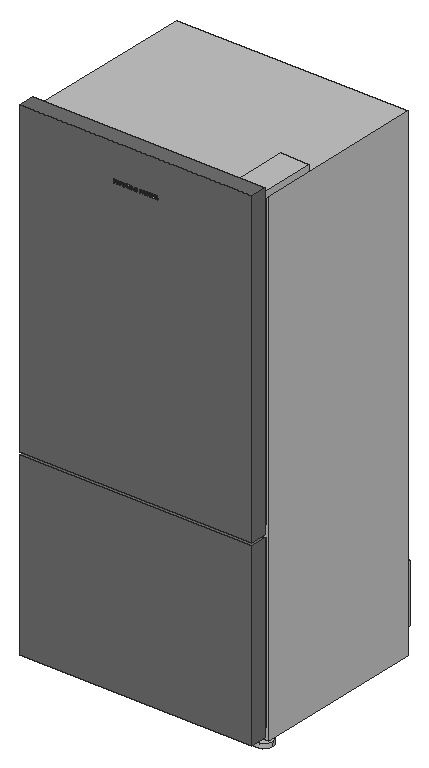
Revit family "FP_Revit_18_RF522BRPB6_Fridge_90001143A", category Specialty Equipment, Revit 2018
Family settings
  Round Connector Dimension = Use Diameter
  Part Type = Normal
  OmniClass Number = 23.40.40.11.11.17
  OmniClass Title = Refrigerator-Freezer
  Work Plane-Based = No
  Always vertical = Yes
  Cut with Voids When Loaded = Yes
  Shared = No
  Room Calculation Point = No
Parameters
  Visibility - Clearance Required = yes
  URL = "www.fisherpaykel.com"
  Product - Width = 790 mm  # constant formula
  Product - Height = 1720 mm  # constant formula
  Product - Depth = 695 mm  # constant formula
  Model = "RF522BRPB6"
  Material - Door Structure = Fisher & Paykel - White
  Material - Door Front = Fisher & Paykel - Stainless Steel, Dark
  Material - Body = Fisher & Paykel - Grey
  Manufacturer = "Fisher & Paykel Appliances"
  Description = "79cm Freestanding Refrigerator with Bottom Freezer (Black)"
  Connector Description - Water = "No water connection required"
  Connector Description - Electrical = "230 V, 10 A, fused electrical supply"
  Chassis - Width = 790 mm  # constant formula
  Chassis - Height = 1662 mm  # constant formula
  Chassis - Depth = 625 mm  # constant formula
  Cavity - Width = 830 mm  # constant formula
  Cavity - Height = 1735 mm  # constant formula
  Cavity - Depth = 625 mm  # constant formula
Reference planes
  plane 1 "Center (Front/Back)": y = 0
  plane 2: z = 0
  plane 3 "Center (Left/Right)": x = 0
  plane 4 "Product LHS": x = -395
  plane 5 "Product RHS": x = 395
  plane 6 "Product - Depth": y = 625
  plane 7 "Cavity LHS": x = -415
  plane 8 "Cavity RHS": x = 415
  plane 9 "Cavity - Depth": y = 625
  plane 10 "Product Height": z = 1720
  plane 11 "Cavity Height": z = 1735
  plane 12 "Door Panel Front": y = -70
Forms (mm)
  Extrusion 1, solid, material "Fisher & Paykel - Grey" <- "Material - Body"
    sketch origin (0, 0, 0) x (0, 1, 0) y (0, 0, 1)
      loop
        line (0, 24) -> (595, 24) -> (595, 1686) -> (0, 1686) -> (0, 24)
    from -395 to 395
  Extrusion 2, solid, material "Fisher & Paykel - Grey" <- "Material - Body"
    sketch origin (0, 0, 0) x (1, 0, 0) y (0, 1, 0)
      loop
        circle (-365, 18.6) r 4.9
      loop
        circle (365, 18.6) r 4.9
    from 14 to 24
  Extrusion 3, solid, material "Fisher & Paykel - Grey" <- "Material - Body"
    sketch origin (0, 0, 0) x (1, 0, 0) y (0, 1, 0)
      loop
        circle (-365, 18.6) r 30
      loop
        circle (365, 18.6) r 30
    from 0 to 14
  Extrusion 4, solid, material "Fisher & Paykel - Grey" <- "Material - Body"
    sketch origin (0, 0, 0) x (1, 0, 0) y (0, 0, 1)
      loop
        circle (355.042, 69) r 5
      loop
        circle (305.042, 69) r 5
    from -615 to -595
  Extrusion 5, solid, material "Fisher & Paykel - White" <- "Material - Door Structure"
    sketch origin (0, 0, 0) x (1, 0, 0) y (0, 1, 0)
      loop
        line (-387, 0) -> (-387, -15) -> (387, -15) -> (387, 0) -> (-387, 0)
    from 682 to 1680
  Extrusion 6, solid, material "Fisher & Paykel - Stainless Steel, Dark" <- "Material - Door Front"
    sketch origin (0, 0, 0) x (1, 0, 0) y (0, 1, 0)
      loop
        line (-395, -15) -> (-395, -70) -> (395, -70) -> (395, -15) -> (-395, -15)
    from 660 to 1720
  Extrusion 7, solid, material "Fisher & Paykel - Grey" <- "Material - Body", detail levels fine
    sketch origin (0, 0, -4) x (0, 1, 0) y (0, 0, 1)
      loop
        arc (62.091, 28) -> (87.5, 4) -> (112.909, 28) r 25.45
        line (112.909, 28) -> (62.091, 28)
      loop
        arc (503.639, 28) -> (529.047, 4) -> (554.456, 28) r 25.45
        line (554.456, 28) -> (503.639, 28)
    from 325.45 to 342.5
  Extrusion 8, solid, material "Fisher & Paykel - Clearance Required", visible <- "Visibility - Clearance Required", detail levels coarse
    sketch origin (0, 0, 0) x (1, 0, 0) y (0, 1, 0)
      loop
        line (-415, 625) -> (-415, -70) -> (530, -70) -> (530, 0) -> (415, 0) -> (415, 625) -> (-415, 625)
    from 0 to 1735
  Extrusion 9, void
    sketch origin (0, 0, 0) x (1, 0, 0) y (0, 1, 0)
      loop
        line (-415, 625) -> (-415, -70) -> (530, -70) -> (530, 0) -> (415, 0) -> (415, 625) -> (-415, 625)
    from 0 to 1735
  Extrusion 10, solid, material "Fisher & Paykel - Stainless Steel, Dark" <- "Material - Door Front"
    sketch origin (0, 0, 0) x (1, 0, 0) y (0, 1, 0)
      loop
        line (-395, -15) -> (-395, -70) -> (395, -70) -> (395, -15) -> (-395, -15)
    from 40 to 650
  Extrusion 11, solid, material "Fisher & Paykel - White" <- "Material - Door Structure"
    sketch origin (0, 0, 0) x (1, 0, 0) y (0, 1, 0)
      loop
        line (-387, 0) -> (-387, -15) -> (387, -15) -> (387, 0) -> (-387, 0)
    from 62 to 642
  Extrusion 12, solid, material "Fisher & Paykel - Grey" <- "Material - Body"
    sketch origin (229.237, 0, 0) x (0, 1, 0) y (0, 0, 1)
      loop
        line (595, 324) -> (595, 94) -> (625, 94) -> (625, 294) -> (595, 324)
    from -604.237 to 145.763
  Extrusion 13, solid, material "Fisher & Paykel - Grey" <- "Material - Body"
    sketch origin (0, 0, 0) x (0, 1, 0) y (0, 0, 1)
      loop
        line (595, 94) -> (595, 24) -> (625, 24) -> (625, 94) -> (595, 94)
    from -375 to 280
  Extrusion 14, solid, material "Fisher & Paykel - Grey" <- "Material - Body", detail levels fine
    sketch origin (0, 0, -4) x (0, 1, 0) y (0, 0, -1)
      loop
        line (62.091, -28) -> (112.909, -28)
        arc (112.909, -28) -> (87.5, -4) -> (62.091, -28) r 25.45
      loop
        line (503.639, -28) -> (554.456, -28)
        arc (554.456, -28) -> (529.047, -4) -> (503.639, -28) r 25.45
    from 325.45 to 342.5
  Extrusion 15, solid, material "Fisher & Paykel - Grey" <- "Material - Body"
    sketch origin (0, 0, 0) x (1, 0, 0) y (0, 1, 0)
      loop
        line (296.4, 174) -> (296.4, -15) -> (393.4, -15) -> (393.4, 174) -> (296.4, 174)
    from 1686 to 1708
  Extrusion 16, solid, material "Fisher & Paykel - Clearance Required", visible <- "Visibility - Clearance Required", detail levels coarse
    sketch origin (0, 0, 0) x (1, 0, 0) y (0, 1, 0)
      loop
        arc (-395, -70) -> (135.432, -761.124) -> (975.827, -531.456) r 781.226
        line (975.827, -531.456) -> (460.698, -70) -> (-395, -70)
    from 0 to 1735
  Extrusion 17, void
    sketch origin (0, 0, 0) x (1, 0, 0) y (0, 0, 1)
      loop
        line (-395, 605.451) -> (-395, 355.726)
        arc (-395, 355.726) -> (-376.652, 375.604) -> (-370, 401.823) r 54.999
        line (-370, 401.823) -> (-370, 559.354)
        arc (-370, 559.354) -> (-376.652, 585.574) -> (-395, 605.451) r 55
      loop
        line (-395, 1099.999) -> (-395, 706.001)
        arc (-395, 706.001) -> (-376.652, 725.878) -> (-370, 752.098) r 54.999
        line (-370, 752.098) -> (-370, 1053.902)
        arc (-370, 1053.902) -> (-376.652, 1080.122) -> (-395, 1099.999) r 55
    from 29 to 56
Cuts and joins
  joined: Extrusion 12, Extrusion 13
  Extrusion 17 cuts Extrusion 1
  Extrusion 17 cuts Extrusion 5
  Extrusion 17 cuts Extrusion 6
  Extrusion 17 cuts Extrusion 10
  Extrusion 17 cuts Extrusion 11
  Extrusion 17 cuts Extrusion 16
Text (mm)
  text "Due to ongoing product development, product details are subject to change without notice. \nPlease always refer to www.fisherpaykel.com for the most current product information. \n© Fisher & Paykel 2020" at (41.04, -848.295, 0), in view "Ref. Level (Plan)"
Dimensions and locks
  equal spacing: plane 4 "Product LHS", plane 3 "Center (Left/Right)", plane 5 "Product RHS"
  "Product - Width": plane 4 "Product LHS" to plane 5 "Product RHS"
  "Cavity - Depth": plane 1 "Center (Front/Back)" to plane 6 "Product - Depth"
  equal spacing: plane 7 "Cavity LHS", plane 3 "Center (Left/Right)", plane 8 "Cavity RHS"
  "Cavity - Width": plane 7 "Cavity LHS" to plane 8 "Cavity RHS"
  "Chassis - Depth": plane 9 "Cavity - Depth" to plane 1 "Center (Front/Back)"
  Extrusion 4 sketch curve to plane 5 "Product RHS" = 39.958 mm
  Extrusion 3 to level = 14 mm
  "Product - Height": level to plane 10 "Product Height"
  Extrusion 1 sketch curve to plane 10 "Product Height" = 34 mm
  "Cavity - Height": plane 11 "Cavity Height" to level
  "Chassis - Depth": plane 1 "Center (Front/Back)" to plane 9 "Cavity - Depth"
  "Chassis - Depth": plane 1 "Center (Front/Back)" to cut or joined group of Extrusion 12, Extrusion 13
  plane 1 "Center (Front/Back)" to Extrusion 8 = 625 mm
  "Product - Depth": Extrusion 9 to cut or joined group of Extrusion 16, Extrusion 17
  nested 1 to level = 1596 mm
  "Chassis - Height": cut or joined group of Extrusion 1, Extrusion 17 to cut or joined group of Extrusion 1, Extrusion 17
  "Chassis - Width": cut or joined group of Extrusion 1, Extrusion 17 to cut or joined group of Extrusion 1, Extrusion 17
  aligned and locked: level to plane 2
  aligned and locked: Extrusion 1 to plane 5 "Product RHS"
  aligned and locked: plane 4 "Product LHS" to Extrusion 1
  aligned and locked: Extrusion 6 sketch curve to plane 4 "Product LHS"
  aligned and locked: plane 5 "Product RHS" to Extrusion 6 sketch curve
  aligned and locked: Extrusion 1 sketch curve to plane 1 "Center (Front/Back)"
  aligned and locked: Extrusion 13 sketch curve to plane 6 "Product - Depth"
  aligned and locked: Extrusion 4 to Extrusion 1
  aligned and locked: Extrusion 15 to Extrusion 1
  aligned and locked: plane 4 "Product LHS" to Extrusion 17 sketch curve  (x2)
  aligned and locked: Extrusion 9 to Extrusion 8
Automatic sketch dimensions
  Extrusion 1 sketch curve to plane 6 "Product - Depth" = 30 mm
  level to Extrusion 1 sketch curve = 24 mm
  plane 1 "Center (Front/Back)" to Extrusion 5 sketch curve = 0 mm
  Extrusion 5 sketch curve to plane 4 "Product LHS" = 8 mm
  plane 5 "Product RHS" to Extrusion 5 sketch curve = 8 mm
  plane 1 "Center (Front/Back)" to Extrusion 5 sketch curve = 15 mm
  plane 1 "Center (Front/Back)" to Extrusion 6 sketch curve = 70 mm
  plane 1 "Center (Front/Back)" to Extrusion 6 sketch curve = 15 mm
  level to Extrusion 7 sketch curve = 24 mm  (x2)
  Extrusion 7 sketch curve to plane 1 "Center (Front/Back)" = 62.091 mm
  Extrusion 7 sketch curve to Extrusion 7 sketch curve = 25.409 mm  (x2)
  Extrusion 7 sketch curve to plane 6 "Product - Depth" = 121.361 mm
  Extrusion 7 sketch curve to Extrusion 7 sketch curve = 1.45 mm  (x2)
  Extrusion 10 sketch curve to plane 4 "Product LHS" = 0 mm
  Extrusion 10 sketch curve to plane 5 "Product RHS" = 0 mm
  plane 1 "Center (Front/Back)" to Extrusion 10 sketch curve = 70 mm
  plane 1 "Center (Front/Back)" to Extrusion 10 sketch curve = 15 mm
  plane 1 "Center (Front/Back)" to Extrusion 11 sketch curve = 0 mm
  Extrusion 11 sketch curve to plane 4 "Product LHS" = 8 mm
  plane 5 "Product RHS" to Extrusion 11 sketch curve = 8 mm
  plane 1 "Center (Front/Back)" to Extrusion 11 sketch curve = 15 mm
  Extrusion 13 sketch curve to Extrusion 13 sketch curve = 30 mm
  level to Extrusion 13 sketch curve = 24 mm
  Extrusion 13 sketch curve to Extrusion 13 sketch curve = 70 mm
  level to Extrusion 14 sketch curve = 24 mm  (x2)
  Extrusion 14 sketch curve to plane 1 "Center (Front/Back)" = 62.091 mm
  Extrusion 14 sketch curve to Extrusion 14 sketch curve = 25.409 mm  (x2)
  Extrusion 14 sketch curve to plane 6 "Product - Depth" = 121.361 mm
  level to Extrusion 14 sketch curve = 25.45 mm
  Extrusion 14 sketch curve to Extrusion 14 sketch curve = 1.45 mm
  Extrusion 3 sketch curve to plane 4 "Product LHS" = 30 mm
  plane 5 "Product RHS" to Extrusion 3 sketch curve = 30 mm
  Extrusion 3 sketch curve to plane 1 "Center (Front/Back)" = 18.6 mm  (x2)
  Extrusion 2 sketch curve to plane 4 "Product LHS" = 30 mm
  plane 5 "Product RHS" to Extrusion 2 sketch curve = 30 mm
  Extrusion 2 sketch curve to plane 1 "Center (Front/Back)" = 18.6 mm  (x2)
  Extrusion 12 sketch curve to plane 6 "Product - Depth" = 30 mm
  Extrusion 12 sketch curve to plane 6 "Product - Depth" = 0 mm
  level to Extrusion 12 sketch curve = 94 mm
  Extrusion 12 sketch curve to Extrusion 12 sketch curve = 200 mm
  Extrusion 12 sketch curve to Extrusion 12 sketch curve = 30 mm
  Extrusion 4 sketch curve to Extrusion 4 sketch curve = 50 mm
  level to Extrusion 4 sketch curve = 69 mm
  Extrusion 4 sketch curve to Extrusion 4 sketch curve = 0 mm
  Extrusion 16 sketch curve to plane 7 "Cavity LHS" = 20 mm
  plane 5 "Product RHS" to Extrusion 16 sketch curve = 10.329 mm
  plane 1 "Center (Front/Back)" to Extrusion 16 sketch curve = 531.456 mm
  plane 1 "Center (Front/Back)" to Extrusion 16 sketch curve = 70 mm
  plane 1 "Center (Front/Back)" to Extrusion 16 sketch curve = 20.723 mm
  Extrusion 16 sketch curve to plane 8 "Cavity RHS" = 45.698 mm
  Extrusion 9 sketch curve to plane 6 "Product - Depth" = 0 mm
  Extrusion 9 sketch curve to plane 7 "Cavity LHS" = 0 mm
  Extrusion 9 sketch curve to plane 8 "Cavity RHS" = 0 mm
  plane 1 "Center (Front/Back)" to Extrusion 9 sketch curve = 0 mm
  Extrusion 9 sketch curve to Extrusion 9 sketch curve = 115 mm
  plane 1 "Center (Front/Back)" to Extrusion 9 sketch curve = 70 mm
  plane 7 "Cavity LHS" to Extrusion 17 sketch curve = 9.999 mm  (x2)
  plane 7 "Cavity LHS" to Extrusion 17 sketch curve = 10 mm  (x2)
  Extrusion 17 sketch curve to plane 4 "Product LHS" = 25 mm  (x2)
  level to Extrusion 17 sketch curve = 355.726 mm
  Extrusion 17 sketch curve to Extrusion 17 sketch curve = 157.531 mm
  Extrusion 17 sketch curve to Extrusion 17 sketch curve = 100.549 mm
  Extrusion 17 sketch curve to Extrusion 17 sketch curve = 301.804 mm
  plane 5 "Product RHS" to Extrusion 15 sketch curve = 98.6 mm
  plane 5 "Product RHS" to Extrusion 15 sketch curve = 1.6 mm
  plane 1 "Center (Front/Back)" to Extrusion 15 sketch curve = 15 mm
  Extrusion 15 sketch curve to plane 1 "Center (Front/Back)" = 174 mm
  Extrusion 8 sketch curve to plane 6 "Product - Depth" = 0 mm
  Extrusion 8 sketch curve to plane 7 "Cavity LHS" = 0 mm
  Extrusion 8 sketch curve to plane 8 "Cavity RHS" = 0 mm
  plane 1 "Center (Front/Back)" to Extrusion 8 sketch curve = 0 mm
  plane 1 "Center (Front/Back)" to Extrusion 8 sketch curve = 70 mm
  Extrusion 8 sketch curve to plane 8 "Cavity RHS" = 115 mm
  radius of Extrusion 3 sketch curve = 30 mm  (x2)
  radius of Extrusion 2 sketch curve = 4.9 mm  (x2)
  radius of Extrusion 4 sketch curve = 5 mm  (x2)
Nested families
  nested 1: "F&P Logo 150mm" at (0, -70, 1596), type "F&P Logo 150mm"
Connectors
  electrical at (355.042, 615, 69), driven by "Connector Description - Electrical"
    settings: on Extrusion 4, index 2, voltage 230 V, apparent load 0 VA, apparent load phase1 0 VA, apparent load phase2 0 VA, apparent load phase3 0 VA, power factor 1, load classification "Other", number of poles 1, system type 30, power factor state 1, is connector primary yes, connector utility no, sub classification motor no, connector description "230 V, 10 A, fused electrical supply"
Definition of nested family "F&P Logo 150mm"
  Parameters (values of type "F&P Logo 150mm")
    URL = "www.fisherpaykel.com"
    Material - Logo = none
    Manufacturer = "Fisher & Paykel Appliances"
  Reference planes
    plane 1 "Center (Front/Back)": y = 0
    plane 2: z = 0
    plane 3 "Center (Left/Right)": x = 0
  Forms (mm)
    Extrusion 1, solid, material <- "Material - Logo", detail levels fine
      sketch origin (0, 0, 0) x (1, 0, 0) y (0, 0, 1)
        loop
          line (-74.994, 0) -> (-72.633, 0) -> (-72.633, 3.207) -> (-68.944, 3.207) -> (-68.944, 5.208) -> (-72.633, 5.208) -> (-72.633, 7.068) -> (-68.62, 7.068) -> (-68.62, 9.06) -> (-74.994, 9.06) -> (-74.994, 0)
        loop
          line (-64.134, 9.06) -> (-64.134, 0) -> (-61.773, 0) -> (-61.773, 9.06) -> (-64.134, 9.06)
        loop
          line (-46.015, 9.06) -> (-46.015, 0) -> (-43.654, 0) -> (-43.654, 3.63) -> (-40.187, 3.63) -> (-40.187, 0) -> (-37.826, 0) -> (-37.826, 9.06) -> (-40.187, 9.06) -> (-40.187, 5.622) -> (-43.654, 5.622) -> (-43.654, 9.06) -> (-46.015, 9.06)
        loop
          line (-32.787, 9.06) -> (-32.787, 0) -> (-26.332, 0) -> (-26.332, 1.992) -> (-30.448, 1.992) -> (-30.448, 3.63) -> (-26.686, 3.63) -> (-26.686, 5.622) -> (-30.448, 5.622) -> (-30.448, 7.068) -> (-26.332, 7.068) -> (-26.332, 9.06) -> (-32.787, 9.06)
        loop
          line (68.572, 9.06) -> (68.572, 0) -> (75.006, 0) -> (75.006, 1.992) -> (70.933, 1.992) -> (70.933, 9.06) -> (68.572, 9.06)
        loop
          line (63.719, 9.06) -> (57.241, 9.06) -> (57.241, 0) -> (63.719, 0) -> (63.719, 1.992) -> (59.602, 1.992) -> (59.602, 3.63) -> (63.364, 3.63) -> (63.364, 5.622) -> (59.602, 5.622) -> (59.602, 7.068) -> (63.719, 7.068) -> (63.719, 9.06)
        loop
          line (50.248, 4.722) -> (53.597, 9.06) -> (50.837, 9.06) -> (47.945, 5.313) -> (47.945, 9.06) -> (45.585, 9.06) -> (45.585, 0) -> (47.945, 0) -> (47.945, 4.058) -> (50.926, 0) -> (53.716, 0) -> (50.248, 4.722)
        loop
          line (33.043, 9.06) -> (36.466, 3.63) -> (36.466, 0) -> (38.827, 0) -> (38.827, 3.511) -> (42.25, 9.06) -> (39.742, 9.06) -> (37.721, 5.561) -> (35.701, 9.06) -> (33.043, 9.06)
        loop
          line (27.79, 9.06) -> (25.547, 9.06) -> (21.858, 0) -> (24.175, 0) -> (24.824, 1.668) -> (28.454, 1.668) -> (29.103, 0) -> (31.479, 0) -> (27.79, 9.06)
        loop
          line (27.671, 3.659) -> (26.612, 6.261) -> (25.599, 3.659) -> (27.671, 3.659)
        loop
          line (12.119, 9.06) -> (12.119, 0) -> (14.48, 0) -> (14.48, 2.907) -> (15.971, 2.907)
          arc (15.971, 2.907) -> (19.048, 5.983) -> (15.971, 9.06) r 3.077
          line (15.971, 9.06) -> (12.119, 9.06)
        loop
          line (14.48, 7.068) -> (14.48, 4.796) -> (15.824, 4.796)
          arc (15.824, 4.796) -> (16.96, 5.932) -> (15.824, 7.068) r 1.136
          line (15.824, 7.068) -> (14.48, 7.068)
        loop
          line (-17.602, 9.06) -> (-21.477, 9.06) -> (-21.477, 0) -> (-19.116, 0) -> (-19.116, 2.522) -> (-18.311, 2.522) -> (-16.387, 0) -> (-13.657, 0) -> (-15.969, 2.959)
          arc (-15.969, 2.959) -> (-14.445, 6.636) -> (-17.602, 9.06) r 3.269
        loop
          line (-17.774, 7.068) -> (-19.116, 7.068) -> (-19.116, 4.579) -> (-17.774, 4.579)
          arc (-17.774, 4.579) -> (-16.529, 5.823) -> (-17.774, 7.068) r 1.244
        loop
          line (0.788, 7.068) -> (0.788, 9.229) -> (-5.291, 9.229) -> (-5.291, 7.276) -> (-4.389, 6.167)
          arc (-4.389, 6.167) -> (-5.193, 1.025) -> (0.005, 0.768) r 3.5
          line (0.005, 0.768) -> (0.63, 0) -> (3.308, 0) -> (1.362, 2.391) -> (3.12, 4.924) -> (0.694, 4.924) -> (0.053, 4) -> (-2.443, 7.068) -> (0.788, 7.068)
        loop
          arc (-3.116, 4.603) -> (-3.331, 2.502) -> (-1.23, 2.286) r 1.493
          line (-1.23, 2.286) -> (-3.116, 4.603)
        loop
          line (-52.698, 5.451) -> (-54.701, 5.866)
          arc (-54.701, 5.866) -> (-55.501, 6.665) -> (-54.701, 7.465) r 0.799
          arc (-54.701, 7.465) -> (-52.78, 7.185) -> (-51.017, 6.371) r 6.757
          line (-51.017, 6.371) -> (-51.017, 8.615)
          arc (-51.017, 8.615) -> (-53.252, 9.269) -> (-55.578, 9.164) r 7.089
          arc (-55.578, 9.164) -> (-57.732, 6.502) -> (-55.578, 3.841) r 2.721
          line (-55.578, 3.841) -> (-53.559, 3.423)
          arc (-53.559, 3.423) -> (-52.76, 2.623) -> (-53.559, 1.824) r 0.799
          arc (-53.559, 1.824) -> (-55.481, 2.103) -> (-57.244, 2.917) r 6.757
          line (-57.244, 2.917) -> (-57.244, 0.674)
          arc (-57.244, 0.674) -> (-55.009, 0.02) -> (-52.682, 0.125) r 7.089
          arc (-52.682, 0.125) -> (-50.529, 2.795) -> (-52.698, 5.451) r 2.721
      from 0 to 0.8
  Dimensions and locks
    aligned and locked: level to plane 2
